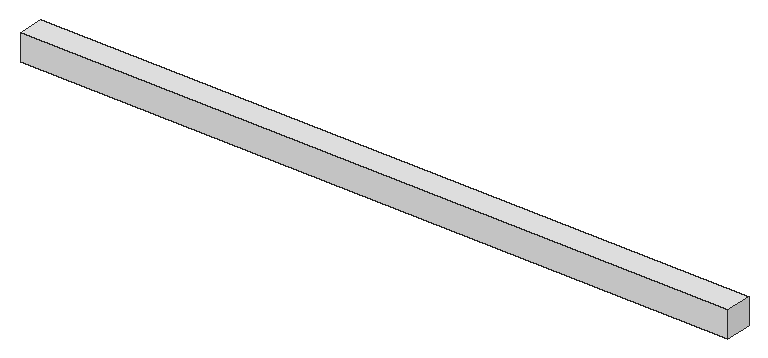
Revit family "Lighting-Surface-Acclaim-Flex Tube HO SC", category Lighting Fixtures, host Face, Revit 2020
Family settings
  Host = Face
  Round Connector Dimension = Use Diameter
  Part Type = Normal
  Cut with Voids When Loaded = No
  Light Source = Yes
  Shared = No
  Room Calculation Point = No
Parameters
  Width = 0.89"
  Wattage = 9.2903 W
  built-in parameter 1150110 = 1 (stored number, unit not read)
  Voltage = 0 V
  URL = "http://www.acclaimlighting.com/"
  built-in parameter 1114217 = 1 (stored number, unit not read)
  Tilt Angle = 90.00°
  built-in parameter 1150109 = 1 (stored number, unit not read)
  built-in parameter 1150134 = 3
  built-in parameter 1150113 = 1 (stored number, unit not read)
  Power Factor = 1
  Photometric Web File = "Load File"
  Number of Poles = 1
  built-in parameter 1150142 = (empty or 0)
  Model = "Flex Tube HO SC"
  Manufacturer = "Acclaim Lighting"
  built-in parameter 1150105 = 109.82 (stored number, unit not read)
  Lumens = 1380 lm
  built-in parameter 1150115 = 1 (stored number, unit not read)
  built-in parameter 1150137 = (empty or 0)
  built-in parameter 1150139 = (empty or 0)
  Length = 24.00"
  built-in parameter 1150112 = 1 (stored number, unit not read)
  built-in parameter 1150114 = 1 (stored number, unit not read)
  Lamp = "LED"
  built-in parameter 1150132 = (empty or 0)
  built-in parameter 1150102 = (empty or 0)
  built-in parameter 1150107 = 3200 (stored number, unit not read)
  built-in parameter 1150138 = (empty or 0)
  built-in parameter 1150106 = 1.0982 (stored number, unit not read)
  Housing Finish = Aluminum
  Height = 0.88"
  Emit from Line Length = Length  # 24.00"
  built-in parameter 1150104 = 13.8 (stored number, unit not read)
  Dimming Lamp Color Temperature Shift = <None>
  Description = "Linear LED Strip"
  Default Elevation = 48.00"
  Color Filter = 16777215
  built-in parameter 1114218 = 1 (stored number, unit not read)
  built-in parameter 1150133 = 10 (stored number, unit not read)
  Apparent Load = 0 VA
Reference planes (in)
  plane 1 "Center (Front/Back)": y = 0
  plane 2: z = 0
  plane 3 "Center (Left/Right)": x = 0
  plane 4: z = 0.88
  plane 5: y = 0.445
  plane 6: y = -0.445
  plane 7: x = -12
  plane 8: x = 12
Forms (in)
  Extrusion 1, solid, material "Aluminum"
    sketch origin (0, 0, 0) x (1, 0, 0) y (0, 1, 0)
      loop
        line (-12, 0.445) -> (-12, -0.445) -> (12, -0.445) -> (12, 0.445) -> (-12, 0.445)
    from 0 to 0.88
Dimensions and locks (in)
  equal spacing: plane 5, plane 1 "Center (Front/Back)", plane 6
  "Width": plane 5 to plane 6
  equal spacing: plane 7, plane 3 "Center (Left/Right)", plane 8
  "Length": plane 7 to plane 8
  "Height": plane 4 to host face
  aligned and locked: plane 2 to host face
  aligned and locked: level to host face
  aligned and locked: plane 5 to Extrusion 1 sketch curve
  aligned and locked: plane 7 to Extrusion 1 sketch curve
  aligned and locked: Extrusion 1 sketch curve to plane 6
  aligned and locked: Extrusion 1 sketch curve to plane 8
  aligned and locked: plane 4 to Extrusion 1
  aligned and locked: imposter light to plane 4
Automatic sketch dimensions
  host sketch curve to host sketch curve = 96.00"  (x2)
Connectors (in)
  electrical at (12, 0, 0.44), driven by "Number of Poles", driven by "Voltage", driven by "Apparent Load", driven by "Power Factor"
    settings: on Extrusion 1, index 1, voltage 0 V, apparent load 0 VA, apparent load phase1 0 VA, apparent load phase2 0 VA, apparent load phase3 0 VA, power factor 1, load classification "Other", number of poles 1, system type 31, power factor state 1, is connector primary yes, connector utility no, sub classification motor no, connector description "Power"
